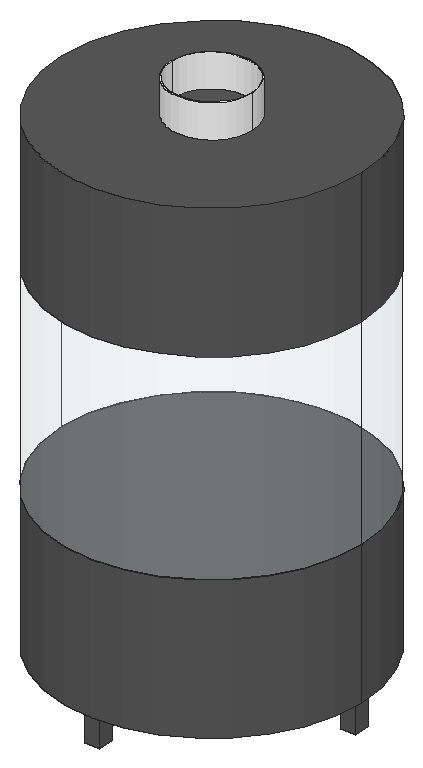
Revit family "CR324", category Generic Models, host Face, Revit 2019
Family settings
  Host = Face
  Can host rebar = No
  Round Connector Dimension = Use Diameter
  Part Type = Normal
  Cut with Voids When Loaded = Yes
  Shared = Yes
  Room Calculation Point = No
Parameters (values of type "As Specified")
  URL = "https://www.montigo.com/"
  Manufacturer Website = "https://www.montigo.com/"
  Manufacturer Phone - Toll Free = "800-378-3115"
  Manufacturer Phone = ""
  Manufacturer Fax = ""
  Manufacturer Address = "27342 Gloucester Way  Langley, BC, Canada   V4W 4A1"
  Manufacturer = "Montigo"
  Length = 36"
  Width = 36"
  Height = 60"
  Glazing Tint = Glass - Montigo - Tint as Specified
  Frame Material = Metal - Montigo - Black
  Firebox Material = Metal - Montigo - White
  Fire Place - Opening = 24"
  Description = "Montigo Fireplace as Specified"
  Default Elevation = 48"
  Base Height = 20"
  Assembly Code = "D3020"
Reference planes (in)
  plane 1 "Center (Front/Back)": y = 0
  plane 2: z = 0
  plane 3 "Center (Left/Right)": x = 0
  plane 4: x = 18
  plane 5: y = 18
  plane 6: y = -18
  plane 7: z = 0
  plane 8: x = -18
  plane 9: z = 3
  plane 10: z = 20
  plane 11: z = 44
  plane 12: z = 60
Forms (in)
  Extrusion 1, solid, material "Metal - Montigo - Black" <- "Frame Material"
    sketch origin (-60.41868, -180, 0) x (-1, 0, 0) y (0, -1, 0)
      loop
        circle (-60.41868, -180) r 18
    from 3 to 20
  Extrusion 2, solid, material "Metal - Montigo - Black" <- "Frame Material"
    sketch origin (-60.41868, -180, 0) x (-1, 0, 0) y (0, -1, 0)
      loop
        circle (-60.41868, -180) r 18
    from 44 to 60
  Extrusion 3, solid, material "Glass - Montigo - Tint as Specified" <- "Glazing Tint"
    sketch origin (-60.41868, -180, 0) x (-1, 0, 0) y (0, -1, 0)
      loop
        circle (-60.41868, -180) r 18
    from 20 to 44
  Extrusion 4, solid, material "Metal - Montigo - Black" <- "Frame Material"
    sketch origin (-60.41868, -180, 0) x (-1, 0, 0) y (0, -1, 0)
      loop
        line (-59.51868, -198) -> (-59.51868, -196.2) -> (-61.31868, -196.2) -> (-61.31868, -198) -> (-59.51868, -198)
      loop
        line (-78.41868, -179.1) -> (-78.41868, -180.9) -> (-76.61868, -180.9) -> (-76.61868, -179.1) -> (-78.41868, -179.1)
      loop
        line (-59.51868, -162) -> (-61.31868, -162) -> (-61.31868, -163.8) -> (-59.51868, -163.8) -> (-59.51868, -162)
      loop
        line (-42.41868, -179.1) -> (-44.21868, -179.1) -> (-44.21868, -180.9) -> (-42.41868, -180.9) -> (-42.41868, -179.1)
    from 0 to 3
  Extrusion 5, solid, material "Metal - Montigo - Black" <- "Frame Material"
    sketch origin (-60.41868, -180, 0) x (-1, 0, 0) y (0, -1, 0)
      loop
        line (-55.41868, -191) -> (-55.41868, -189) -> (-57.41868, -189) -> (-57.41868, -191) -> (-55.41868, -191)
      loop
        line (-65.41868, -191) -> (-63.41868, -191) -> (-63.41868, -189) -> (-65.41868, -189) -> (-65.41868, -191)
    from 2 to 3
Dimensions and locks (in)
  equal spacing: plane 6, plane 1 "Center (Front/Back)", plane 5
  "Width": plane 6 to plane 5
  "Length": plane 8 to plane 4
  equal spacing: plane 8, plane 3 "Center (Left/Right)", plane 4
  locked: plane 9 to plane 7 at 3
  "Base Height": plane 10 to plane 7
  "Height": plane 12 to plane 7
  "Fire Place - Opening": plane 11 to plane 10
  plane 12 to plane 11 = 16"
  aligned and locked: plane 2 to host face
  aligned and locked: level to host face
  aligned and locked: plane 7 to level
  aligned and locked: plane 10 to Extrusion 1
  aligned and locked: plane 12 to Extrusion 2
  aligned and locked: Extrusion 2 to plane 11
  aligned and locked: Extrusion 3 to plane 10
  aligned and locked: plane 11 to Extrusion 3
  aligned and locked: nested 1 to plane 1 "Center (Front/Back)"
  aligned and locked: nested 1 to plane 3 "Center (Left/Right)"
  aligned and locked: Extrusion 1 to plane 9
  aligned and locked: Extrusion 4 to level
  aligned and locked: Extrusion 4 to Extrusion 1
Automatic sketch dimensions
  host sketch curve to host sketch curve = 96"  (x2)
  plane 3 "Center (Left/Right)" to Extrusion 5 sketch curve = 5"
  Extrusion 5 sketch curve to Extrusion 5 sketch curve = 2"  (x4)
  Extrusion 5 sketch curve to plane 3 "Center (Left/Right)" = 3"
  plane 5 to Extrusion 5 sketch curve = 7"  (x2)
  plane 1 "Center (Front/Back)" to Extrusion 3 sketch curve = 0"
  Extrusion 3 sketch curve to plane 3 "Center (Left/Right)" = 0"
  plane 1 "Center (Front/Back)" to Extrusion 1 sketch curve = 0"
  Extrusion 1 sketch curve to plane 3 "Center (Left/Right)" = 0"
  plane 1 "Center (Front/Back)" to Extrusion 2 sketch curve = 0"
  Extrusion 2 sketch curve to plane 3 "Center (Left/Right)" = 0"
  Extrusion 4 sketch curve to plane 4 = 0"
  plane 6 to Extrusion 4 sketch curve = 0"
  plane 5 to Extrusion 4 sketch curve = 0"
  Extrusion 4 sketch curve to plane 8 = 0"
  Extrusion 4 sketch curve to Extrusion 4 sketch curve = 1.8"  (x2)
  plane 3 "Center (Left/Right)" to Extrusion 4 sketch curve = 0.9"  (x2)
  Extrusion 4 sketch curve to plane 3 "Center (Left/Right)" = 0.9"  (x2)
  plane 5 to Extrusion 4 sketch curve = 1.8"
  Extrusion 4 sketch curve to plane 1 "Center (Front/Back)" = 0.9"  (x2)
  plane 1 "Center (Front/Back)" to Extrusion 4 sketch curve = 0.9"  (x2)
  Extrusion 4 sketch curve to plane 6 = 1.8"
  radius of Extrusion 3 sketch curve = 18"
  radius of Extrusion 1 sketch curve = 18"
  radius of Extrusion 2 sketch curve = 18"
Nested families (in)
  nested 1: "Duct Dia" at (0, 0, 60) x (-1, 0, 0) z (0, 0, 1), type "9 3/4" Dia."
Connectors (in)
  hvac at (0, 0, 64)
    settings: on nested 1, index 1, duct flow 0 CFM, flow factor 0, pres drop 0.00 in-wg, loss coef 0, conn angle 0.00°, conn width 12", conn height 12", conn diameter 9 3/4", duct sys type 3, conn prof type 0, flow config 0, flow direction 0, loss method 0, conn ref index -1, conn util no, is conn primary yes, conn desc ""
Definition of nested family "Duct Dia"
  Parameters (values of type "15 7/8" Dia.")
    Intake Duct Dia = 15 7/8"
    Intake Diameter = Intake Duct Dia - 1/8"  # 15 3/4"
    Height = 4"
    Firebox Material = none
    Default Elevation = 48"
  Types (12): name | Intake Duct Dia | Intake Diameter | Height
    9 7/8" Dia. | 9 7/8" | 9 3/4" | 4"
    7 7/8" Dia | 7 7/8" | 7 3/4" | 4"
    8 1/8" Dia | 8 1/8" | 8" | 1/4"
    11 3/4" Dia | 11 3/4" | 11 5/8" | 4"
    4" Dia | 10" | 9 7/8" | 4"
    7 3/4" Dia | 7 3/4" | 7 5/8" | 4"
    6 7/8" Dia | 6 7/8" | 6 3/4" | 1/4"
    9 3/4" Dia. | 9 3/4" | 9 5/8" | 4"
    7 1/8" Dia | 7 1/8" | 7" | 1/4"
    11 7/8" Dia. | 11 7/8" | 11 3/4" | 4"
    13 7/8" Dia. | 13 7/8" | 13 3/4" | 4"
    15 7/8" Dia. | 15 7/8" | 15 3/4" | 4"
  Reference planes (in)
    plane 1 "Center (Front/Back)": y = 0
    plane 2: z = 0
    plane 3 "Center (Left/Right)": x = 0
    plane 4: z = 4
  Forms (in)
    Extrusion 1, solid
      sketch origin (0, 0, 0) x (1, 0, 0) y (0, 1, 0)
        loop
          line (-48, 48) -> (-48, -48) -> (48, -48) -> (48, 48) -> (-48, 48)
      from 0 to -12
    Extrusion 2, solid, material <- "Firebox Material"
      sketch origin (0, 0, 0) x (1, 0, 0) y (0, 1, 0)
        loop
          circle (0, 0) r 7.9375
        loop
          circle (0, 0) r 7.875
      from 0 to 4
  Dimensions and locks (in)
    "Height": plane 4 to level
    "Intake Duct Dia": diameter of Extrusion 2 sketch curve
    "Intake Diameter": diameter of Extrusion 2 sketch curve
    aligned and locked: plane 2 to Extrusion 1
    aligned and locked: level to Extrusion 1
    aligned and locked: plane 4 to Extrusion 2
  Automatic sketch dimensions
    Extrusion 1 sketch curve to Extrusion 1 sketch curve = 96"  (x2)
    Extrusion 2 sketch curve to Extrusion 2 sketch curve = 0"  (x2)
    plane 1 "Center (Front/Back)" to Extrusion 2 sketch curve = 0"
    Extrusion 2 sketch curve to plane 3 "Center (Left/Right)" = 0"
